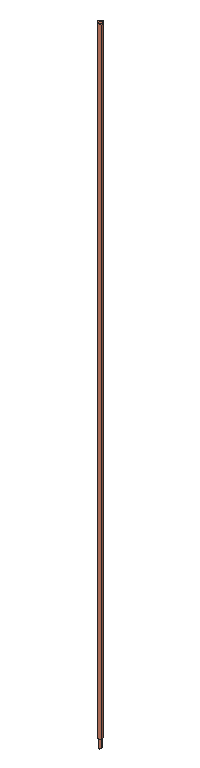
Revit family "FA_Молниеприемник_EZETEK", category Системы пожарной сигнализации, Revit 2017
Family settings
  Сохранять ориентацию аннотаций = Нет
  Размер круглого соединителя = Использовать радиус
  Тип детали = Нормальный
  На основе рабочей плоскости = Нет
  Всегда вертикально = Да
  При загрузке вырезать с полостями = Нет
  Общий = Нет
  Точка расчета площади = Нет
Parameters (values of type "Молниеприемник_3м_медь_90872-2")
  Описание = "Молниеприемник"  # constant formula
  Производитель_Контакты = "ezetek@ezetek.ru"  # constant formula
  Изготовитель = "Ezetek"  # constant formula
  Группа модели = "Молниеотводы и мачты на утяжелителях"  # constant formula
  URL = "https://ezetek.ru/"
  ADSK_Этаж [instance] = ""
  ADSK_Размер_Длина = 3000 mm
  ADSK_Размер_Диаметр = 16 mm
  ADSK_Примечание [instance] = ""
  ADSK_Позиция [instance] = ""
  ADSK_Обозначение = "90872-2"
  ADSK_Наименование краткое [instance] = "Молниеприемник"
  ADSK_Наименование = "Молниеприемник 3 м, медь"
  ADSK_Материал = BIMLIB_Медь_EZETEK
  ADSK_Масса_Текст = "5.4"
  ADSK_Масса = 5.4
  ADSK_Марка = "90872-2"
  ADSK_Количество = 1  # constant formula
  ADSK_Код изделия = "90872-2"
  ADSK_Завод-изготовитель = "Ezetek"  # constant formula
  ADSK_Единица измерения = "шт."  # constant formula
  ADSK_Группирование [instance] = ""
  ADSK_Версия Revit = "2017"  # constant formula
Types (17, lengths in mm): name | ADSK_Размер_Длина | ADSK_Размер_Диаметр | ADSK_Обозначение | ADSK_Наименование | ADSK_Материал | ADSK_Масса_Текст | ADSK_Масса | ADSK_Марка | ADSK_Код изделия
  Молниеприемник_1м_алюм_90870 | 1000 | 16 | "90870" | "Молниеприемник 1 м, алюм." | BIMLIB_Алюминий_EZETEK | "0.6" | 0.6 | "90870" | "90870"
  Молниеприемник_0.5м_алюм_90874-2 | 500 | 16 | "90874-2" | "Молниеприемник 0.5 м, алюм." | BIMLIB_Алюминий_EZETEK | "0.3" | 0.3 | "90874-2" | "90874-2"
  Молниеприемник_0,5м_алюм_76514 | 500 | 20 | "76514" | "Молниеприемник 20 мм х 0.5 м, алюм." | BIMLIB_Алюминий_EZETEK | "0.3" | 0.3 | "76514" | "76514"
  Молниеприемник_1м_нерж_90859 | 1000 | 16 | "90859" | "Молниеприемник 1 м, нерж." | BIMLIB_Сталь_Нержавеющая_EZETEK | "1.5" | 1.5 | "90859" | "90859"
  Молниеприемник_1.5м_алюм_90871 | 1500 | 16 | "90871" | "Молниеприемник 1.5 м, алюм." | BIMLIB_Алюминий_EZETEK | "0.9" | 0.9 | "90871" | "90871"
  Молниеприемник_0.5м_нерж_90370-1 | 500 | 16 | "90370-1" | "Молниеприемник 0.5 м, нерж." | BIMLIB_Сталь_Нержавеющая_EZETEK | "0.75" | 0.75 | "90370-1" | "90370-1"
  Молниеприемник_1.5м_нерж_90370 | 1500 | 16 | "90370" | "Молниеприемник 1.5 м, нерж." | BIMLIB_Сталь_Нержавеющая_EZETEK | "2.25" | 2.25 | "90370" | "90370"
  Молниеприемник_2м_алюм_90872 | 2000 | 16 | "90872" | "Молниеприемник 2 м, алюм." | BIMLIB_Алюминий_EZETEK | "1.2" | 1.2 | "90872" | "90872"
  Молниеприемник_2м_нерж_90371 | 2000 | 16 | "90371" | "Молниеприемник 2 м, нерж." | BIMLIB_Сталь_Нержавеющая_EZETEK | "3" | 3 | "90371" | "90371"
  Молниеприемник_2.5м_алюм_90874 | 2500 | 16 | "90874" | "Молниеприемник 2.5 м, алюм." | BIMLIB_Алюминий_EZETEK | "1.4" | 1.4 | "90874" | "90874"
  Молниеприемник_3м_алюм_23404 | 3000 | 20 | "23404" | "Молниеприемник 20 мм х 3 м, алюм." | BIMLIB_Алюминий_EZETEK | "1.8" | 1.8 | "23404" | "23404"
  Молниеприемник_3м_нерж_90858 | 3000 | 16 | "90858" | "Молниеприемник 3 м, нерж." | BIMLIB_Сталь_Нержавеющая_EZETEK | "4.5" | 4.5 | "90858" | "90858"
  Молниеприемник_4м_нерж_90372 | 4000 | 16 | "90372" | "Молниеприемник 4 м, нерж." | BIMLIB_Сталь_Нержавеющая_EZETEK | "6" | 6 | "90372" | "90372"
  Молниеприемник_1м_медь_90872-4 | 1000 | 16 | "90872-4" | "Молниеприемник 1 м, медь" | BIMLIB_Медь_EZETEK | "1.8" | 1.8 | "90872-4" | "90872-4"
  Молниеприемник_1.5м_медь_90872-3 | 1500 | 16 | "90872-3" | "Молниеприемник 1,5 м, медь" | BIMLIB_Медь_EZETEK | "2.7" | 2.7 | "90872-3" | "90872-3"
  Молниеприемник_2м_медь_90872-1 | 2000 | 16 | "90872-1" | "Молниеприемник 2 м, медь" | BIMLIB_Медь_EZETEK | "3.6" | 3.6 | "90872-1" | "90872-1"
  Молниеприемник_3м_медь_90872-2 | 3000 | 16 | "90872-2" | "Молниеприемник 3 м, медь" | BIMLIB_Медь_EZETEK | "5.4" | 5.4 | "90872-2" | "90872-2"
Reference planes
  plane 1 "По центру (Вперед/Назад)": y = 0
  plane 2: z = 0
  plane 3 "По центру (Влево/Вправо)": x = 0
  plane 4: z = 3000
  plane 5: z = 3005
  plane 6: x = 8
  plane 7: x = -8
  plane 8: z = 3002
  plane 9: x = 5
  plane 10: z = 40
  plane 11: x = 6
Forms (mm)
  Revolve 1, solid, material "BIMLIB_Медь_EZETEK" <- "ADSK_Материал", detail levels medium+fine
    sketch origin (0, 0, 0) x (1, 0, 0) y (0, 0, 1)
      loop
        line (0, 3000) -> (0, 0) -> (6, 0) -> (6, 40) -> (8, 40) -> (8, 3000) -> (0, 3000)
      axis (0, 3000) -> (0, 0)
    angle from 0 to 360
  Revolve 2, solid, material "BIMLIB_Медь_EZETEK" <- "ADSK_Материал", detail levels medium+fine
    sketch origin (0, 0, 0) x (1, 0, 0) y (0, 0, 1)
      loop
        line (0, 3005) -> (0, 3000) -> (8, 3000) -> (8, 3002)
        arc (8, 3002) -> (7.121, 3004.121) -> (5, 3005) r 3
        line (5, 3005) -> (0, 3005)
      axis (0, 3005) -> (0, 3000)
    angle from 0 to 360
Dimensions and locks
  "ADSK_Размер_Длина": plane 4 to plane 2
  locked: plane 5 to plane 4 at 5
  equal spacing: plane 7, plane 3 "По центру (Влево/Вправо)", plane 6
  "ADSK_Размер_Диаметр": plane 7 to plane 6
  locked: plane 6 to plane 9 at 3
  locked: plane 5 to plane 8 at 3
  locked: plane 10 to plane 2 at 40
  locked: plane 11 to plane 6 at 2
  aligned and locked: level to plane 2
  aligned and locked: Revolve 1 sketch curve to plane 4
  aligned and locked: plane 3 "По центру (Влево/Вправо)" to Revolve 1 sketch curve
  aligned and locked: plane 2 to Revolve 1 sketch curve
  aligned and locked: Revolve 1 sketch curve to plane 3 "По центру (Влево/Вправо)"
  aligned and locked: Revolve 2 sketch curve to plane 3 "По центру (Влево/Вправо)"
  aligned and locked: Revolve 1 sketch curve to plane 6
  aligned and locked: plane 9 to Revolve 2 sketch curve
  aligned and locked: plane 8 to Revolve 2 sketch curve
  aligned and locked: Revolve 2 sketch curve to plane 6
  aligned and locked: Revolve 2 sketch curve to plane 5
  aligned and locked: plane 11 to Revolve 1 sketch curve
  aligned and locked: Revolve 1 sketch curve to plane 10
Automatic sketch dimensions
  Revolve 2 sketch curve to plane 3 "По центру (Влево/Вправо)" = 0 mm
  Revolve 2 sketch curve to plane 4 = 0 mm
  Revolve 2 sketch curve to level = 366.045 mm
  Revolve 2 sketch curve to Revolve 2 sketch curve = 209.315 mm
  Revolve 1 sketch curve to level = 366.045 mm
  plane 5 to Revolve 1 sketch curve = 990.858 mm
